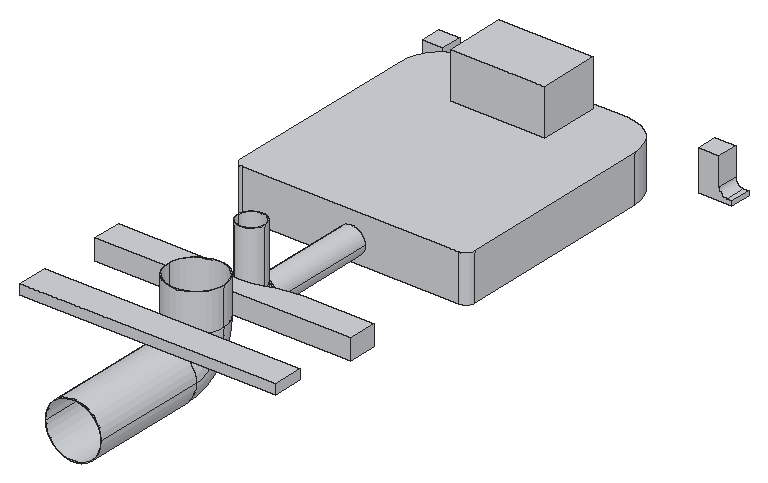
Revit family "Deca_Caixa de descarga embutida para drywall para bacia suspensa_Caixa embutida Hydra_2502.CX.AF", category Plumbing Fixtures, host Face, Revit 2019 (continued)
Automatic sketch dimensions
  plane 1 "Center (Front/Back)" to curve 528 = 107.081 mm
  curve 340 to curve 316 = 66 mm
  curve 333 to curve 321 = 66 mm
  curve 522 to plane 1 "Center (Front/Back)" = 146.69 mm
  curve 219 to curve 530 = 1.087 mm
  curve 223 to curve 529 = 0 mm
  curve 218 to curve 526 = 1.52 mm
  curve 219 to curve 216 = 10.047 mm
  curve 223 to curve 215 = 9.096 mm
  curve 216 to curve 216 = 1.137 mm
  curve 218 to curve 5 = 13.843 mm
  curve 222 to curve 3 = 14.276 mm
  curve 216 to curve 520 = 12.18 mm
  curve 205 to curve 510 = 1.539 mm
  curve 205 to curve 525 = 17.213 mm
  curve 217 to curve 526 = 0 mm
  curve 222 to curve 198 = 52.832 mm
  curve 199 to curve 515 = 2.281 mm
  curve 515 to curve 503 = 3.79 mm
  curve 197 to curve 515 = 1.271 mm
  curve 515 to curve 514 = 3.196 mm
  curve 210 to curve 197 = 0.86 mm
  curve 210 to curve 513 = 15.008 mm
  curve 513 to curve 514 = 1.933 mm
  curve 209 to curve 513 = 0.22 mm
  curve 514 to curve 505 = 0.668 mm
  curve 513 to curve 207 = 1.108 mm
  curve 525 to curve 508 = 63.075 mm
  curve 207 to curve 506 = 21.33 mm
  curve 203 to curve 509 = 0 mm
  curve 506 to curve 507 = 0.068 mm
  curve 506 to curve 519 = 0.351 mm
  curve 509 to curve 517 = 0.647 mm
  curve 509 to curve 348 = 0.843 mm
  curve 507 to curve 345 = 0.775 mm
  curve 18 to curve 346 = 0.5 mm
  curve 20 to curve 349 = 0.5 mm
  curve 17 to curve 344 = 0.5 mm
  curve 17 to curve 518 = 2.725 mm
  curve 202 to curve 517 = 3.437 mm
  curve 3 to curve 6 = 110.235 mm
  curve 6 to curve 7 = 3.317 mm
  curve 516 to curve 12 = 21.223 mm
  curve 207 to curve 10 = 64.297 mm
  curve 19 to curve 8 = 41.464 mm
  curve 11 to curve 8 = 0 mm
  curve 10 to curve 9 = 0 mm
  curve 8 to curve 305 = 2.632 mm
  curve 7 to curve 308 = 21.897 mm
  curve 308 to curve 2 = 3.317 mm
  curve 305 to curve 311 = 5.71 mm
  curve 304 to curve 310 = 5.71 mm  (x2)
  curve 304 to curve 304 = 6.269 mm
  curve 4 to curve 305 = 6.269 mm
  curve 310 to curve 350 = 2.141 mm
  curve 311 to curve 22 = 2.141 mm
  curve 21 to curve 501 = 6.386 mm
  curve 195 to curve 195 = 1.414 mm
  curve 501 to curve 501 = 1.829 mm
  curve 352 to curve 485 = 9.066 mm
  curve 190 to curve 191 = 0.734 mm
  curve 191 to curve 190 = 0.5 mm
  curve 485 to curve 487 = 1.536 mm
  curve 485 to curve 486 = 0.848 mm
  curve 191 to curve 188 = 3.493 mm
  curve 194 to curve 193 = 5.664 mm
  curve 188 to curve 238 = 10.507 mm
  curve 193 to curve 192 = 24.08 mm
  curve 192 to curve 494 = 84.428 mm
  curve 489 to curve 4 = 8.701 mm
  curve 14 to curve 189 = 0.099 mm
  curve 489 to curve 441 = 66.216 mm
  curve 189 to curve 438 = 57.416 mm
  curve 159 to curve 159 = 0.263 mm
  curve 157 to curve 157 = 0.263 mm
  curve 159 to curve 444 = 1.203 mm
  curve 157 to curve 24 = 32.28 mm
  curve 161 to curve 23 = 31.077 mm
  curve 23 to curve 490 = 1.241 mm
  curve 490 to curve 354 = 3.02 mm
  curve 23 to curve 357 = 7.338 mm
  curve 26 to curve 26 = 0.044 mm
  curve 356 to curve 25 = 0.044 mm
  curve 356 to curve 155 = 14.858 mm
  curve 26 to curve 152 = 14.858 mm
  curve 155 to curve 444 = 0.018 mm
  curve 155 to curve 451 = 1 mm
  curve 439 to curve 145 = 0.983 mm
  curve 442 to curve 150 = 0.983 mm
  curve 152 to curve 433 = 6.7 mm
  curve 114 to curve 108 = 2.476 mm
  curve 117 to curve 110 = 2.476 mm
  curve 107 to curve 108 = 0.524 mm
  curve 110 to curve 110 = 0.524 mm
  curve 145 to curve 145 = 11.899 mm
  curve 150 to curve 158 = 11.899 mm
  curve 164 to curve 446 = 4.9 mm
  curve 165 to curve 449 = 4.9 mm
  curve 164 to curve 104 = 5.276 mm
  curve 165 to curve 109 = 5.276 mm
  curve 110 to curve 134 = 6.069 mm
  curve 107 to curve 128 = 6.069 mm
  curve 150 to curve 149 = 1.545 mm
  curve 145 to curve 141 = 1.545 mm
  curve 440 to curve 434 = 14.651 mm
  curve 154 to curve 436 = 14.651 mm
  curve 128 to curve 423 = 1.923 mm
  curve 134 to curve 111 = 1.923 mm
  curve 142 to curve 126 = 1.545 mm
  curve 147 to curve 130 = 1.545 mm
  curve 104 to curve 105 = 3.451 mm
  curve 109 to curve 448 = 3.451 mm
  curve 141 to curve 437 = 2.752 mm
  curve 134 to curve 436 = 4.865 mm
  curve 128 to curve 128 = 4.864 mm
  curve 128 to curve 126 = 1.527 mm
  curve 436 to curve 129 = 1.527 mm
  curve 141 to curve 437 = 5.125 mm
  curve 131 to curve 420 = 7.946 mm
  curve 126 to curve 103 = 7.946 mm
  curve 105 to curve 124 = 7.27 mm
  curve 113 to curve 132 = 7.27 mm
  curve 106 to curve 423 = 0.738 mm
  curve 112 to curve 112 = 0.738 mm
  curve 105 to curve 105 = 8.834 mm
  curve 113 to curve 113 = 8.834 mm
  curve 113 to curve 163 = 1.041 mm
  curve 422 to curve 426 = 1.041 mm
  curve 163 to curve 428 = 7.485 mm
  curve 162 to curve 426 = 7.485 mm
  curve 106 to curve 432 = 12.33 mm
  curve 432 to curve 421 = 0.369 mm
  curve 115 to curve 123 = 4.389 mm
  curve 617 to curve 420 = 12.974 mm
  curve 119 to curve 166 = 302.87 mm
  curve 120 to curve 121 = 3.814 mm
  curve 121 to curve 97 = 1.516 mm
  curve 118 to curve 94 = 308.14 mm
  curve 94 to curve 94 = 0 mm
  curve 94 to curve 95 = 1.688 mm
  curve 97 to curve 452 = 3 mm
  curve 97 to curve 98 = 3.153 mm
  curve 97 to curve 92 = 4.829 mm
  curve 95 to curve 96 = 6.294 mm
  curve 167 to curve 167 = 5 mm
  curve 96 to curve 101 = 2.086 mm
  curve 92 to curve 92 = 7.017 mm
  curve 92 to curve 575 = 8.751 mm
  curve 575 to curve 470 = 2.125 mm
  curve 167 to curve 381 = 20 mm
  curve 472 to curve 417 = 0.61 mm
  curve 575 to curve 392 = 4.25 mm
  curve 93 to curve 82 = 17.932 mm
  curve 575 to curve 576 = 5.99 mm
  curve 575 to curve 559 = 6 mm
  curve 555 to curve 558 = 0 mm
  curve 94 to curve 594 = 29.75 mm
  curve 594 to curve 592 = 0.5 mm
  curve 555 to curve 553 = 0.5 mm
  curve 82 to curve 578 = 2.25 mm
  curve 472 to curve 471 = 3.487 mm
  curve 576 to curve 180 = 1.185 mm
  curve 254 to curve 181 = 0.175 mm
  curve 82 to curve 390 = 3 mm
  curve 81 to curve 380 = 3.003 mm
  curve 390 to curve 578 = 0.409 mm
  curve 553 to curve 553 = 1.159 mm
  curve 592 to curve 592 = 1.159 mm
  curve 559 to curve 552 = 1.886 mm
  curve 593 to curve 606 = 1.462 mm
  curve 593 to curve 599 = 2.483 mm
  curve 277 to curve 598 = 0.735 mm
  curve 281 to curve 277 = 0 mm
  curve 554 to curve 252 = 4.991 mm
  curve 48 to curve 47 = 7.779 mm
  curve 181 to curve 557 = 8.075 mm
  curve 47 to curve 47 = 1.529 mm
  curve 556 to curve 571 = 8.235 mm
  curve 180 to curve 179 = 16.665 mm
  curve 280 to curve 598 = 18.412 mm
  curve 282 to curve 276 = 0.172 mm
  curve 599 to curve 610 = 23.397 mm
  curve 287 to curve 609 = 4.554 mm
  curve 578 to curve 292 = 38.591 mm
  curve 287 to curve 613 = 8.675 mm
  curve 271 to curve 271 = 1.3 mm
  curve 276 to curve 581 = 25.389 mm
  curve 582 to curve 603 = 1.35 mm
  curve 601 to curve 577 = 0.642 mm
  curve 601 to curve 601 = 2.077 mm
  curve 47 to curve 380 = 45.132 mm
  curve 30 to curve 378 = 0.174 mm
  curve 577 to curve 273 = 10.683 mm
  curve 179 to curve 560 = 41.41 mm
  curve 287 to curve 586 = 27.34 mm
  curve 600 to curve 600 = 18.495 mm
  curve 600 to curve 577 = 1.435 mm
  curve 600 to curve 604 = 2.077 mm
  curve 603 to curve 580 = 1.35 mm
  curve 273 to curve 587 = 17.183 mm
  curve 269 to curve 270 = 0 mm
  curve 586 to curve 295 = 17.817 mm
  curve 269 to curve 612 = 1.3 mm
  curve 572 to curve 178 = 29.29 mm
  curve 295 to curve 290 = 16 mm
  curve 301 to curve 294 = 0 mm
  curve 298 to curve 288 = 0 mm
  curve 580 to curve 275 = 25.389 mm
  curve 275 to curve 283 = 0.172 mm
  curve 293 to curve 258 = 4.236 mm
  curve 275 to curve 608 = 1.927 mm
  curve 29 to curve 40 = 45.9 mm
  curve 40 to curve 31 = 0.709 mm
  curve 28 to curve 373 = 1.067 mm
  curve 373 to curve 34 = 0 mm
  curve 258 to curve 565 = 11.764 mm
  curve 301 to curve 300 = 16 mm
  curve 563 to curve 479 = 1.013 mm
  curve 178 to curve 483 = 21.723 mm
  curve 283 to curve 274 = 14.364 mm
  curve 258 to curve 257 = 14.364 mm
  curve 284 to curve 274 = 0 mm
  curve 284 to curve 596 = 1.774 mm
  curve 482 to curve 474 = 1.505 mm
  curve 563 to curve 249 = 6.364 mm
  curve 175 to curve 468 = 1.644 mm
  curve 174 to curve 467 = 1.644 mm
  curve 182 to curve 475 = 0.01 mm
  curve 545 to curve 590 = 2.483 mm
  curve 257 to curve 567 = 0 mm
  curve 250 to curve 177 = 1.711 mm
  curve 549 to curve 565 = 1.886 mm
  curve 283 to curve 588 = 16.485 mm
  curve 590 to curve 285 = 0.5 mm
  curve 285 to curve 584 = 0 mm
  curve 567 to curve 585 = 1.159 mm
  curve 567 to curve 256 = 0.5 mm
  curve 267 to curve 393 = 0.425 mm
  curve 177 to curve 369 = 1.1 mm
  curve 393 to curve 583 = 0.075 mm
  curve 250 to curve 561 = 1.886 mm
  curve 177 to curve 572 = 1.185 mm
  curve 52 to curve 51 = 4.75 mm
  curve 51 to curve 55 = 0 mm
  curve 29 to curve 34 = 4.825 mm
  curve 562 to curve 574 = 6 mm
  curve 383 to curve 385 = 7.641 mm
  curve 29 to curve 359 = 7.716 mm
  curve 27 to curve 358 = 1.561 mm
  curve 49 to curve 371 = 0 mm
  curve 51 to curve 54 = 1.561 mm
  curve 385 to curve 415 = 0.548 mm
  curve 53 to curve 56 = 1.35 mm
  curve 27 to curve 63 = 1.35 mm
  curve 72 to curve 408 = 4 mm
  curve 402 to curve 68 = 4 mm
  curve 411 to curve 75 = 4 mm
  curve 458 to curve 170 = 2.644 mm
  curve 459 to curve 171 = 2.644 mm
  curve 170 to curve 458 = 0.338 mm
  curve 168 to curve 465 = 1.893 mm
  curve 169 to curve 173 = 1.907 mm
  curve 32 to curve 35 = 21.509 mm
  curve 55 to curve 398 = 26.259 mm
  curve 35 to curve 364 = 0.991 mm
  curve 58 to curve 60 = 0.991 mm
  curve 364 to curve 43 = 3.5 mm
  curve 41 to curve 42 = 3.5 mm
  curve 400 to curve 61 = 3.5 mm
  curve 60 to curve 60 = 3.5 mm
  curve 59 to curve 396 = 1.75 mm
  curve 43 to curve 374 = 1.75 mm
  curve 374 to curve 374 = 0.016 mm
  curve 41 to curve 39 = 2.414 mm
  curve 39 to curve 377 = 0.142 mm
  curve 41 to curve 360 = 3.5 mm
  curve 59 to curve 401 = 3.5 mm
  curve 43 to curve 363 = 1.009 mm
  curve 62 to curve 57 = 1.009 mm
  curve 36 to curve 376 = 4.421 mm
  curve 35 to curve 38 = 4.421 mm
  curve 173 to curve 466 = 19.093 mm
  curve 374 to curve 540 = 28.25 mm
  curve 589 to curve 534 = 60.75 mm
  curve 534 to curve 531 = 15.75 mm
  curve 235 to curve 539 = 15.75 mm
  curve 232 to curve 16 = 4.25 mm
  curve 226 to curve 227 = 4.25 mm
  curve 226 to curve 226 = 4.25 mm
  curve 231 to curve 231 = 4.25 mm
  curve 224 to curve 224 = 4.25 mm
  curve 232 to curve 233 = 4.25 mm
  curve 532 to curve 229 = 13.75 mm
  curve 231 to curve 542 = 13.75 mm
  curve 148 to plane 3 "Center (Left/Right)" = 0.003 mm
  curve 303 to plane 3 "Center (Left/Right)" = 0.109 mm
  curve 102 to plane 3 "Center (Left/Right)" = 5.894 mm
  curve 151 to plane 3 "Center (Left/Right)" = 7.528 mm
  curve 158 to curve 149 = 0 mm
  curve 151 to curve 150 = 0 mm
  curve 14 to plane 3 "Center (Left/Right)" = 14.373 mm
  curve 189 to curve 14 = 0.142 mm
  curve 492 to curve 492 = 11.325 mm
  curve 189 to curve 189 = 4.485 mm
  curve 516 to curve 502 = 0.491 mm
  curve 202 to curve 202 = 0.022 mm
  curve 509 to curve 202 = 0.001 mm
  curve 508 to curve 509 = 0.022 mm
  curve 25 to curve 23 = 0.282 mm
  curve 203 to curve 203 = 0.019 mm
  curve 212 to curve 203 = 0.031 mm
  curve 212 to curve 203 = 0.037 mm
  curve 212 to curve 212 = 0.013 mm
  curve 203 to curve 212 = 0.508 mm
  curve 212 to curve 203 = 0.013 mm
  curve 19 to curve 19 = 0 mm
  curve 19 to curve 19 = 0.499 mm
  curve 19 to curve 19 = 0.001 mm
  curve 347 to curve 19 = 0.001 mm
  curve 154 to curve 357 = 13.013 mm
  curve 188 to curve 188 = 1.886 mm
  curve 484 to curve 188 = 0 mm  (x2)
  curve 72 to curve 86 = 6.447 mm
  curve 486 to curve 484 = 0.2 mm  (x2)
  curve 205 to curve 247 = 12.088 mm
  curve 131 to curve 420 = 0.003 mm  (x2)
  curve 131 to curve 148 = 0.008 mm
  curve 151 to curve 436 = 0 mm  (x2)
  curve 147 to curve 151 = 0 mm
  curve 154 to curve 155 = 0 mm  (x2)
  curve 154 to curve 154 = 0 mm
  curve 215 to curve 215 = 4.518 mm
  curve 147 to curve 147 = 0.268 mm
  curve 131 to curve 147 = 0.205 mm
  curve 86 to curve 72 = 0.019 mm
  curve 155 to curve 154 = 0 mm
  curve 223 to curve 215 = 2.132 mm
  curve 523 to curve 223 = 1.958 mm
  curve 215 to curve 521 = 0.014 mm
  curve 244 to curve 247 = 8.877 mm
  curve 458 to curve 70 = 2.101 mm
  curve 477 to curve 476 = 0.505 mm
  curve 511 to curve 205 = 1.031 mm
  curve 206 to curve 511 = 2.302 mm
  curve 206 to curve 206 = 0.258 mm
  curve 511 to curve 206 = 0.001 mm
  curve 206 to curve 206 = 0.819 mm
  curve 510 to curve 206 = 0 mm  (x2)
  curve 206 to curve 206 = 0.13 mm
  curve 463 to curve 173 = 0 mm
  curve 463 to curve 463 = 0.4 mm
  curve 173 to curve 463 = 0.057 mm
  curve 204 to curve 510 = 3.555 mm
  curve 520 to curve 204 = 0.25 mm
  curve 204 to curve 520 = 0 mm
  curve 204 to curve 204 = 0.729 mm
  curve 204 to curve 204 = 0.684 mm
  curve 524 to curve 204 = 1.828 mm
  curve 5 to curve 311 = 1.842 mm
  curve 218 to curve 219 = 1.992 mm
  curve 525 to curve 217 = 4.838 mm
  curve 220 to curve 217 = 0 mm
  curve 218 to curve 219 = 1.104 mm
  curve 220 to curve 217 = 1.604 mm
  curve 217 to curve 220 = 0 mm
  curve 208 to curve 220 = 1.637 mm
  curve 219 to curve 218 = 0.002 mm
  curve 217 to curve 525 = 0 mm
  curve 220 to curve 220 = 0 mm
  curve 478 to curve 477 = 0.505 mm
  curve 172 to curve 172 = 0.453 mm
  curve 464 to curve 172 = 0.057 mm
  curve 69 to curve 459 = 2.101 mm
  curve 85 to curve 71 = 0.251 mm
  curve 562 to curve 261 = 0 mm
  curve 558 to curve 262 = 0 mm
  curve 436 to curve 134 = 0 mm
  curve 146 to curve 146 = 0 mm
  curve 134 to curve 146 = 1.562 mm
  curve 117 to curve 110 = 0 mm
  curve 129 to curve 111 = 0.026 mm
  curve 181 to curve 555 = 0.829 mm
  curve 262 to curve 181 = 0.068 mm
  curve 261 to curve 255 = 0.897 mm
  curve 258 to curve 570 = 4.991 mm
  curve 258 to curve 570 = 0 mm  (x2)
  curve 181 to curve 262 = 1.344 mm
  curve 569 to curve 258 = 1.462 mm
  curve 258 to curve 569 = 0 mm  (x2)
  curve 257 to curve 85 = 5.51 mm
  curve 312 to curve 5 = 0 mm
  curve 84 to curve 85 = 2.393 mm
  curve 252 to curve 571 = 3.529 mm
  curve 252 to curve 571 = 0 mm
  curve 554 to curve 252 = 0 mm  (x2)
  curve 568 to curve 257 = 0 mm
  curve 84 to curve 84 = 7.293 mm
  curve 567 to curve 394 = 0.073 mm
  curve 548 to curve 567 = 0.306 mm
  curve 543 to curve 553 = 0.306 mm
  curve 390 to curve 77 = 0 mm  (x2)
  curve 79 to curve 419 = 0.009 mm
  curve 578 to curve 418 = 1.406 mm
  curve 585 to curve 548 = 0.306 mm
  curve 578 to curve 543 = 0.306 mm
  curve 547 to curve 548 = 0.263 mm
  curve 268 to curve 268 = 0.501 mm
  curve 53 to curve 64 = 0.015 mm
  curve 385 to curve 56 = 0 mm  (x2)
  curve 61 to curve 399 = 8.401 mm
  curve 289 to curve 293 = 1.527 mm
  curve 293 to curve 288 = 0.204 mm
  curve 294 to curve 289 = 0.204 mm
  curve 295 to curve 295 = 1 mm
  curve 299 to curve 300 = 1 mm
  curve 289 to curve 295 = 0.118 mm
  curve 288 to curve 300 = 0.118 mm
  curve 291 to curve 299 = 0.882 mm
  curve 290 to curve 295 = 0.882 mm
  curve 299 to curve 291 = 0.118 mm
  curve 296 to curve 290 = 0.118 mm
  curve 52 to curve 54 = 7.135 mm
  curve 297 to curve 297 = 1.731 mm
  curve 298 to curve 297 = 0 mm
  curve 291 to curve 298 = 0.204 mm
  curve 290 to curve 297 = 0.204 mm
  curve 55 to curve 52 = 3.392 mm
  curve 599 to curve 610 = 2.326 mm
  curve 586 to curve 611 = 2.325 mm
  curve 132 to curve 112 = 0.346 mm
  curve 133 to curve 112 = 0 mm
  curve 133 to curve 132 = 0.354 mm
  curve 96 to curve 101 = 1.314 mm
  curve 100 to curve 101 = 0 mm  (x2)
  curve 116 to curve 420 = 6.132 mm
  curve 617 to curve 116 = 0.038 mm
  curve 118 to curve 617 = 0 mm
  curve 113 to curve 163 = 0 mm  (x2)
  curve 94 to curve 387 = 1.026 mm
  curve 118 to curve 428 = 0.038 mm
  curve 94 to curve 430 = 0.001 mm
  curve 314 to curve 579 = 7.205 mm
  curve 547 to curve 584 = 0.043 mm
  curve 544 to curve 579 = 0.305 mm
  curve 546 to curve 547 = 0.263 mm
  curve 536 to curve 326 = 0 mm
  curve 339 to curve 314 = 2.5 mm
  curve 592 to curve 544 = 0.306 mm
  curve 590 to curve 546 = 0.306 mm
  curve 593 to curve 281 = 0 mm
  curve 591 to curve 284 = 0 mm
  curve 284 to curve 596 = 1.927 mm
  curve 608 to curve 284 = 0 mm
  curve 601 to curve 265 = 1.242 mm
  curve 604 to curve 264 = 1.242 mm
  curve 265 to curve 601 = 0.183 mm
  curve 264 to curve 604 = 0.183 mm
  curve 282 to curve 598 = 1.756 mm
  curve 606 to curve 282 = 0 mm  (x2)
  curve 282 to curve 276 = 2.483 mm
  curve 607 to curve 283 = 0 mm  (x2)
  curve 340 to curve 338 = 2.5 mm
  curve 225 to curve 225 = 4 mm
  curve 226 to curve 225 = 0 mm
  curve 144 to curve 280 = 113.7 mm
  curve 151 to curve 144 = 15.043 mm
  curve 140 to curve 151 = 28.136 mm
  curve 148 to curve 140 = 43.296 mm
  plane 3 "Center (Left/Right)" to curve 208 = 0 mm
  plane 3 "Center (Left/Right)" to curve 199 = 0.001 mm
  plane 3 "Center (Left/Right)" to curve 140 = 3.372 mm
  plane 3 "Center (Left/Right)" to curve 144 = 7.525 mm
  curve 141 to curve 156 = 0 mm  (x2)
  curve 183 to curve 183 = 1.01 mm
  curve 183 to curve 475 = 0 mm
  curve 475 to curve 183 = 0 mm  (x2)
  curve 144 to curve 145 = 0 mm
  curve 451 to curve 439 = 0.318 mm
  curve 493 to curve 493 = 11.325 mm
  curve 502 to curve 201 = 0.523 mm
  curve 502 to curve 518 = 0.491 mm
  curve 201 to curve 201 = 0.023 mm
  curve 201 to curve 506 = 0 mm  (x2)
  curve 192 to curve 491 = 2.338 mm
  curve 354 to curve 26 = 0.282 mm
  curve 200 to curve 200 = 0.035 mm
  curve 200 to curve 211 = 0.029 mm
  curve 211 to curve 200 = 0.67 mm
  curve 200 to curve 200 = 0.433 mm
  curve 200 to curve 211 = 0.012 mm
  curve 18 to curve 18 = 0.003 mm
  curve 18 to curve 346 = 0.001 mm
  curve 355 to curve 152 = 13.013 mm
  curve 211 to curve 211 = 2.453 mm
  curve 196 to curve 195 = 3.693 mm
  curve 196 to curve 195 = 1.972 mm
  curve 192 to curve 495 = 8.311 mm
  curve 495 to curve 495 = 0.616 mm
  curve 193 to curve 193 = 0.733 mm
  curve 496 to curve 497 = 0.2 mm
  curve 87 to curve 65 = 6.563 mm
  curve 194 to curve 497 = 0.3 mm
  curve 498 to curve 500 = 1.5 mm
  curve 498 to curve 499 = 0.2 mm  (x2)
  curve 499 to curve 500 = 0.2 mm
  curve 103 to curve 125 = 0 mm  (x2)
  curve 246 to curve 198 = 21.671 mm
  curve 142 to curve 126 = 0 mm
  curve 142 to curve 144 = 0 mm
  curve 152 to curve 153 = 0 mm  (x4)
  curve 153 to curve 153 = 0 mm
  curve 142 to curve 142 = 0.268 mm
  curve 142 to curve 125 = 0.205 mm
  curve 65 to curve 87 = 0.019 mm
  curve 160 to curve 443 = 0 mm
  curve 246 to curve 245 = 2 mm
  curve 222 to curve 222 = 0.011 mm
  curve 482 to curve 481 = 0.505 mm
  curve 245 to curve 504 = 10.536 mm
  curve 504 to curve 243 = 0.164 mm
  curve 208 to curve 513 = 1.303 mm
  curve 208 to curve 512 = 0.047 mm
  curve 213 to curve 213 = 0.814 mm
  curve 208 to curve 213 = 0.431 mm
  curve 213 to curve 213 = 0 mm
  curve 209 to curve 209 = 0.766 mm
  curve 209 to curve 514 = 0.77 mm
  curve 310 to curve 304 = 1.842 mm
  curve 214 to curve 214 = 0.882 mm
  curve 199 to curve 199 = 0.159 mm
  curve 504 to curve 198 = 0.01 mm
  curve 504 to curve 503 = 0.009 mm
  curve 503 to curve 198 = 0.108 mm
  curve 214 to curve 214 = 0.386 mm
  curve 503 to curve 199 = 0.475 mm
  curve 214 to curve 214 = 0.001 mm
  curve 210 to curve 514 = 2.719 mm
  curve 210 to curve 210 = 1.03 mm
  curve 481 to curve 480 = 0.505 mm
  curve 469 to curve 263 = 6.96 mm
  curve 66 to curve 88 = 0.07 mm
  curve 263 to curve 559 = 0 mm
  curve 260 to curve 561 = 0 mm
  curve 143 to curve 126 = 0 mm
  curve 143 to curve 143 = 0 mm
  curve 143 to curve 434 = 0 mm
  curve 143 to curve 128 = 1.562 mm
  curve 114 to curve 107 = 0 mm
  curve 107 to curve 127 = 0.026 mm
  curve 177 to curve 572 = 0.068 mm
  curve 180 to curve 263 = 0.068 mm
  curve 260 to curve 260 = 0 mm
  curve 576 to curve 263 = 0 mm
  curve 179 to curve 179 = 0.424 mm
  curve 178 to curve 178 = 0.445 mm
  curve 469 to curve 470 = 0.3 mm  (x2)
  curve 469 to curve 303 = 1.237 mm
  curve 88 to curve 471 = 1.018 mm
  curve 309 to curve 3 = 0 mm
  curve 88 to curve 89 = 2.18 mm
  curve 472 to curve 83 = 3.536 mm
  curve 471 to curve 368 = 3.536 mm
  curve 89 to curve 89 = 5.808 mm
  curve 89 to curve 90 = 0.663 mm
  curve 90 to curve 90 = 1.093 mm
  curve 417 to curve 416 = 0.052 mm
  curve 416 to curve 83 = 0 mm
  curve 80 to curve 83 = 0 mm
  curve 91 to curve 27 = 3.071 mm
  curve 91 to curve 27 = 0.896 mm
  curve 63 to curve 27 = 0.015 mm
  curve 49 to curve 377 = 0 mm
  curve 370 to curve 32 = 0 mm  (x2)
  curve 45 to curve 45 = 0.001 mm
  curve 376 to curve 38 = 0.514 mm
  curve 37 to curve 43 = 1 mm
  curve 46 to curve 37 = 0.004 mm
  curve 46 to curve 38 = 0 mm  (x2)
  curve 38 to curve 46 = 0.514 mm
  curve 46 to curve 46 = 0 mm
  curve 34 to curve 33 = 0 mm
  curve 373 to curve 37 = 0 mm
  curve 421 to curve 139 = 0 mm
  curve 139 to curve 138 = 0 mm  (x2)
  curve 138 to curve 138 = 0.006 mm
  curve 33 to curve 33 = 1.476 mm
  curve 138 to curve 137 = 0.632 mm
  curve 137 to curve 136 = 0.003 mm
  curve 136 to curve 135 = 0.005 mm
  curve 40 to curve 31 = 0.04 mm
  curve 137 to curve 138 = 0.681 mm
  curve 137 to curve 138 = 0 mm
  curve 137 to curve 136 = 0.001 mm
  curve 136 to curve 135 = 0.003 mm
  curve 139 to curve 135 = 0 mm
  curve 106 to curve 124 = 0.346 mm
  curve 122 to curve 106 = 0 mm
  curve 124 to curve 122 = 0.354 mm
  curve 135 to curve 139 = 0.677 mm
  curve 137 to curve 136 = 0.004 mm
  curve 137 to curve 137 = 0.001 mm
  curve 136 to curve 136 = 0 mm
  curve 432 to curve 135 = 0.005 mm
  curve 135 to curve 135 = 0 mm
  curve 30 to curve 29 = 0 mm
  curve 115 to curve 123 = 0.038 mm
  curve 119 to curve 119 = 0 mm
  curve 162 to curve 105 = 0 mm
  curve 47 to curve 454 = 0.43 mm
  curve 454 to curve 453 = 5 mm  (x2)
  curve 115 to curve 119 = 0.038 mm
  curve 120 to curve 120 = 0.018 mm
  curve 121 to curve 121 = 0.002 mm
  curve 121 to curve 99 = 0 mm
  curve 541 to curve 326 = 0 mm
  curve 320 to curve 333 = 2.5 mm
  curve 332 to curve 334 = 2.5 mm
  curve 233 to curve 232 = 4 mm
  curve 452 to curve 102 = 151.56 mm
  curve 527 to curve 222 = 72.724 mm
  curve 331 to curve 329 = 5 mm
  curve 329 to curve 328 = 50 mm
  curve 328 to curve 330 = 5 mm
  curve 219 to curve 218 = 1.639 mm
  curve 215 to curve 521 = 0.005 mm
  curve 223 to curve 215 = 0.4 mm
  curve 222 to curve 222 = 13.471 mm
  curve 205 to curve 520 = 1.843 mm
  curve 520 to curve 204 = 0 mm
  curve 204 to curve 204 = 0.633 mm
  curve 510 to curve 511 = 2.226 mm
  curve 204 to curve 524 = 4.333 mm
  curve 206 to curve 206 = 0.573 mm
  curve 511 to curve 206 = 0 mm
  curve 220 to curve 217 = 2.819 mm
  curve 217 to curve 220 = 0.006 mm
  curve 511 to curve 244 = 14.154 mm
  curve 245 to curve 244 = 0 mm
  curve 245 to curve 246 = 0.005 mm
  curve 246 to curve 199 = 0.03 mm
  curve 220 to curve 208 = 2.053 mm
  curve 208 to curve 247 = 0.005 mm
  curve 503 to curve 198 = 1.307 mm
  curve 503 to curve 504 = 0.001 mm
  curve 503 to curve 198 = 0.375 mm
  curve 214 to curve 214 = 0.081 mm
  curve 213 to curve 213 = 0.253 mm
  curve 208 to curve 512 = 0.577 mm
  curve 211 to curve 345 = 3.753 mm
  curve 203 to curve 212 = 0.144 mm
  curve 200 to curve 211 = 0.125 mm
  curve 203 to curve 212 = 0.068 mm
  curve 509 to curve 508 = 0.068 mm
  curve 202 to curve 502 = 0.505 mm
  curve 502 to curve 518 = 0.014 mm
  curve 502 to curve 516 = 0.014 mm
  curve 19 to curve 19 = 0.463 mm
  curve 19 to curve 347 = 0 mm
  curve 344 to curve 518 = 0.227 mm
  curve 349 to curve 516 = 0.243 mm
  curve 18 to curve 346 = 5.964 mm
  curve 313 to curve 307 = 6 mm
  curve 5 to curve 311 = 5.71 mm
  curve 195 to curve 196 = 0.091 mm
  curve 194 to curve 497 = 0.672 mm
  curve 497 to curve 498 = 0.2 mm
  curve 497 to curve 496 = 0.2 mm
  curve 616 to curve 309 = 6 mm
  curve 306 to curve 312 = 6 mm
  curve 488 to curve 188 = 0.493 mm
  curve 498 to curve 500 = 2.6 mm
  curve 498 to curve 500 = 0 mm
  curve 484 to curve 484 = 1.643 mm
  curve 495 to curve 495 = 4.801 mm
  curve 157 to curve 160 = 1.203 mm
  curve 160 to curve 443 = 0.517 mm
  curve 155 to curve 154 = 0.018 mm
  curve 440 to curve 153 = 0 mm
  curve 107 to curve 114 = 0 mm
  curve 110 to curve 117 = 0 mm
  curve 131 to curve 147 = 5.411 mm
  curve 125 to curve 144 = 5.411 mm
  curve 125 to curve 142 = 2.371 mm
  curve 131 to curve 147 = 2.371 mm
  curve 150 to curve 151 = 0 mm
  curve 145 to curve 144 = 0 mm
  curve 149 to curve 158 = 0 mm
  curve 128 to curve 143 = 1.824 mm
  curve 111 to curve 129 = 0.436 mm
  curve 107 to curve 127 = 0.436 mm
  curve 105 to curve 162 = 0 mm
  curve 434 to curve 143 = 0 mm
  curve 106 to curve 122 = 0 mm
  curve 112 to curve 133 = 0 mm
  curve 106 to curve 124 = 0.111 mm
  curve 112 to curve 132 = 0.111 mm
  curve 132 to curve 133 = 0.022 mm
  curve 124 to curve 122 = 0.022 mm
  curve 137 to curve 136 = 0.142 mm
  curve 138 to curve 139 = 0.503 mm
  curve 137 to curve 137 = 0.021 mm
  curve 138 to curve 137 = 0 mm
  curve 136 to curve 136 = 0.005 mm
  curve 432 to curve 135 = 0.338 mm
  curve 135 to curve 135 = 0.005 mm
  curve 138 to curve 139 = 0.397 mm
  curve 115 to curve 119 = 4.329 mm
  curve 120 to curve 120 = 10.979 mm
  curve 430 to curve 94 = 8.812 mm
  curve 430 to curve 94 = 0.332 mm
  curve 121 to curve 121 = 1.268 mm
  curve 382 to curve 97 = 0.002 mm
  curve 121 to curve 99 = 0.249 mm
  curve 94 to curve 387 = 0.004 mm
  curve 96 to curve 101 = 1.043 mm
  curve 303 to curve 102 = 5.524 mm
  curve 303 to curve 176 = 10.858 mm
  curve 416 to curve 416 = 12.903 mm
  curve 392 to curve 82 = 12.901 mm
  curve 469 to curve 263 = 0.905 mm
  curve 387 to curve 82 = 0 mm
  curve 81 to curve 50 = 3.003 mm
  curve 80 to curve 81 = 0 mm
  curve 472 to curve 83 = 0.61 mm
  curve 416 to curve 80 = 0 mm
  curve 83 to curve 80 = 0 mm
  curve 82 to curve 389 = 1.75 mm
  curve 268 to curve 268 = 0.5 mm
  curve 77 to curve 553 = 0.407 mm
  curve 80 to curve 417 = 3.004 mm
  curve 586 to curve 599 = 1.983 mm
  curve 586 to curve 611 = 0 mm
  curve 579 to curve 544 = 0.552 mm
  curve 578 to curve 543 = 0.552 mm
  curve 571 to curve 252 = 0 mm
  curve 599 to curve 611 = 9.54 mm
  curve 611 to curve 610 = 0.602 mm
  curve 47 to curve 454 = 7.689 mm
  curve 259 to curve 570 = 0 mm
  curve 607 to curve 282 = 0 mm
  curve 295 to curve 289 = 1.527 mm
  curve 295 to curve 290 = 1.527 mm
  curve 290 to curve 291 = 1.763 mm
  curve 289 to curve 288 = 1.763 mm
  curve 31 to curve 40 = 0.24 mm
  curve 596 to curve 284 = 1.756 mm
  curve 284 to curve 608 = 0 mm
  curve 318 to curve 590 = 0.552 mm
  curve 548 to curve 567 = 0.552 mm
  curve 548 to curve 547 = 0.053 mm
  curve 481 to curve 480 = 0.051 mm
  curve 477 to curve 478 = 0.051 mm
  curve 547 to curve 584 = 0.5 mm
  curve 547 to curve 585 = 0.5 mm
  curve 368 to curve 260 = 0.16 mm
  curve 261 to curve 261 = 0 mm
  curve 368 to curve 471 = 7.054 mm
  curve 384 to curve 53 = 0 mm
  curve 471 to curve 90 = 2.845 mm
  curve 90 to curve 90 = 0 mm
  curve 90 to curve 89 = 0 mm
  curve 91 to curve 63 = 0 mm
  curve 257 to curve 85 = 12.871 mm
  curve 85 to curve 84 = 0 mm
  curve 85 to curve 71 = 0 mm
  curve 471 to curve 89 = 2.845 mm
  curve 66 to curve 88 = 0 mm
  curve 72 to curve 86 = 0 mm  (x2)
  curve 65 to curve 87 = 0 mm  (x2)
  curve 84 to curve 84 = 0 mm
  curve 91 to curve 91 = 0.001 mm
  curve 377 to curve 49 = 0 mm
  curve 463 to curve 173 = 1.507 mm
  curve 464 to curve 172 = 1.493 mm
  curve 173 to curve 463 = 0 mm
  curve 464 to curve 172 = 0 mm
  curve 463 to curve 173 = 0.014 mm
  curve 400 to curve 61 = 0 mm
  curve 364 to curve 44 = 0 mm
  curve 173 to curve 460 = 6.591 mm
  curve 172 to curve 462 = 6.607 mm
  curve 61 to curve 399 = 2.556 mm
  curve 42 to curve 360 = 0 mm
  curve 43 to curve 363 = 0 mm
  curve 46 to curve 37 = 0.014 mm
  curve 38 to curve 376 = 1.667 mm
  curve 536 to curve 15 = 17 mm
  curve 541 to curve 16 = 17 mm
  curve 536 to curve 536 = 1.245 mm
  curve 541 to curve 541 = 1.245 mm
  curve 536 to curve 326 = 2.755 mm
  curve 327 to curve 317 = 6 mm
  curve 325 to curve 321 = 3 mm
  curve 438 to curve 427 = 14.991 mm
  curve 438 to curve 427 = 14.477 mm
  curve 290 to curve 302 = 0 mm
  curve 431 to curve 441 = 14.99 mm
  curve 441 to curve 431 = 14.477 mm
  curve 444 to curve 435 = 6.682 mm
  Sweep 1 sketch curve to plane 4 = 25.873 mm
  Sweep 1 sketch curve to Sweep 1 sketch curve = 28.06 mm
  Sweep 1 sketch curve to Sweep 1 sketch curve = 3.836 mm
  Sweep 1 sketch curve to Sweep 1 sketch curve = 215 mm
  Sweep 1 sketch curve to Sweep 1 sketch curve = 5.873 mm
  plane 4 to Sweep 1 sketch curve = 89.1 mm
  Sweep 1 sketch curve to Sweep 1 sketch curve = 0 mm  (x2)
  profile plane to Sweep 5 sketch curve = 0 mm
  Sweep 5 sketch curve to Sweep 5 sketch curve = 0 mm  (x3)
  Sweep 5 sketch curve to plane 4 = 19.876 mm
  Sweep 5 sketch curve to Sweep 5 sketch curve = 69.294 mm
  Extrusion 6 sketch curve to Extrusion 6 sketch curve = 46.973 mm  (x2)
  Extrusion 6 sketch curve to Extrusion 6 sketch curve = 19.432 mm  (x2)
  Extrusion 6 sketch curve to Extrusion 6 sketch curve = 6.269 mm  (x2)
  Extrusion 6 sketch curve to Extrusion 6 sketch curve = 6.857 mm
  Extrusion 6 sketch curve to Extrusion 6 sketch curve = 140 mm  (x2)
  Extrusion 6 sketch curve to Extrusion 6 sketch curve = 57 mm
  Extrusion 6 sketch curve to Extrusion 6 sketch curve = 121.485 mm
  Extrusion 6 sketch curve to Extrusion 6 sketch curve = 0 mm  (x5)
  Sweep 5 sketch curve to Sweep 5 sketch curve = 230.46 mm
  plane 4 to Sweep 5 sketch curve = 52.354 mm
  Sweep 5 sketch curve to profile plane = 0 mm
  Extrusion 6 sketch curve to Extrusion 6 sketch curve = 43.595 mm
  Extrusion 6 sketch curve to Extrusion 6 sketch curve = 96 mm
  Sweep 2 sketch curve to plane 5 = 25.873 mm
  Sweep 2 sketch curve to Sweep 2 sketch curve = 28.06 mm
  Sweep 2 sketch curve to Sweep 2 sketch curve = 3.836 mm
  Sweep 2 sketch curve to Sweep 2 sketch curve = 215 mm
  Sweep 2 sketch curve to Sweep 2 sketch curve = 5.873 mm
  plane 5 to Sweep 2 sketch curve = 89.1 mm
  Sweep 2 sketch curve to Sweep 2 sketch curve = 0 mm  (x2)
  Extrusion 4 sketch curve to Extrusion 4 sketch curve = 17.256 mm
  Extrusion 4 sketch curve to Extrusion 4 sketch curve = 79.699 mm
  Extrusion 4 sketch curve to Extrusion 4 sketch curve = 298.342 mm
  Extrusion 4 sketch curve to Extrusion 4 sketch curve = 62.43 mm
  Extrusion 4 sketch curve to Extrusion 4 sketch curve = 17.248 mm
  Extrusion 4 sketch curve to Extrusion 4 sketch curve = 390.523 mm
  Extrusion 4 sketch curve to Extrusion 4 sketch curve = 0.003 mm
  Extrusion 4 sketch curve to Extrusion 4 sketch curve = 0.001 mm
  Extrusion 7 sketch curve to Extrusion 7 sketch curve = 17.256 mm
  Extrusion 7 sketch curve to Extrusion 7 sketch curve = 79.699 mm
  Extrusion 7 sketch curve to Extrusion 7 sketch curve = 298.342 mm
  Extrusion 7 sketch curve to Extrusion 7 sketch curve = 62.43 mm
  Extrusion 7 sketch curve to Extrusion 7 sketch curve = 17.248 mm
  Extrusion 7 sketch curve to Extrusion 7 sketch curve = 390.523 mm
  Extrusion 7 sketch curve to Extrusion 7 sketch curve = 0.003 mm
  Extrusion 7 sketch curve to Extrusion 7 sketch curve = 0.001 mm
  Extrusion 10 sketch curve to Extrusion 10 sketch curve = 60 mm
  Extrusion 10 sketch curve to Extrusion 10 sketch curve = 500 mm
  Extrusion 12 sketch curve to Extrusion 12 sketch curve = 500 mm
  Extrusion 12 sketch curve to Extrusion 12 sketch curve = 40.058 mm  (x2)
  Extrusion 12 sketch curve to Extrusion 12 sketch curve = 14.942 mm  (x2)
  Extrusion 12 sketch curve to Extrusion 12 sketch curve = 10 mm  (x4)
  Extrusion 12 sketch curve to plane 4 = 120 mm  (x2)
  Extrusion 12 sketch curve to plane 4 = 40 mm  (x2)
  Sweep 8 sketch curve to Sweep 8 sketch curve = 230.46 mm
  plane 5 to Sweep 8 sketch curve = 52.354 mm
  Sweep 8 sketch curve to Sweep 8 sketch curve = 0 mm  (x3)
  Sweep 8 sketch curve to profile plane = 0 mm
  Extrusion 9 sketch curve to Extrusion 9 sketch curve = 43.595 mm
  Extrusion 9 sketch curve to Extrusion 9 sketch curve = 96 mm
  Extrusion 11 sketch curve to Extrusion 11 sketch curve = 500 mm
  Extrusion 14 sketch curve to Extrusion 14 sketch curve = 0.207 mm  (x2)
  Extrusion 14 sketch curve to Extrusion 14 sketch curve = 118.5 mm
  Extrusion 6 sketch curve to Extrusion 6 sketch curve = 87.191 mm
  Extrusion 9 sketch curve to Extrusion 9 sketch curve = 87.191 mm
  Extrusion 9 sketch curve to Extrusion 9 sketch curve = 0 mm  (x5)
  Extrusion 9 sketch curve to Extrusion 9 sketch curve = 46.973 mm  (x2)
  Extrusion 15 sketch curve to plane 4 = 53.988 mm
  Extrusion 14 sketch curve to Extrusion 14 sketch curve = 184 mm
  Masking region 6 sketch curve to Masking region 6 sketch curve = 4.291 mm
  Masking region 6 sketch curve to Masking region 6 sketch curve = 101.586 mm
  Masking region 6 sketch curve to Masking region 6 sketch curve = 4.123 mm
  Masking region 6 sketch curve to Masking region 6 sketch curve = 44.564 mm
  Masking region 6 sketch curve to Masking region 6 sketch curve = 52.037 mm
  Masking region 6 sketch curve to Masking region 6 sketch curve = 0.27 mm
  Masking region 6 sketch curve to Masking region 6 sketch curve = 0.5 mm  (x2)
  Masking region 6 sketch curve to Masking region 6 sketch curve = 1.5 mm
  Masking region 6 sketch curve to Masking region 6 sketch curve = 1.624 mm  (x2)
  Masking region 6 sketch curve to Masking region 6 sketch curve = 9.78 mm
  Masking region 6 sketch curve to Masking region 6 sketch curve = 20.511 mm  (x2)
  Masking region 6 sketch curve to Masking region 6 sketch curve = 3.377 mm
  Masking region 6 sketch curve to Masking region 6 sketch curve = 6.926 mm
  Masking region 6 sketch curve to Masking region 6 sketch curve = 1 mm
  Masking region 6 sketch curve to Masking region 6 sketch curve = 0.23 mm
  Masking region 6 sketch curve to Masking region 6 sketch curve = 71.2 mm
  Masking region 6 sketch curve to Masking region 6 sketch curve = 564.716 mm
  Masking region 6 sketch curve to Masking region 6 sketch curve = 6 mm  (x2)
  Masking region 6 sketch curve to Masking region 6 sketch curve = 2.15 mm  (x2)
  Masking region 6 sketch curve to Masking region 6 sketch curve = 0.714 mm  (x2)
  Masking region 6 sketch curve to Masking region 6 sketch curve = 0.357 mm  (x2)
  Masking region 6 sketch curve to Masking region 6 sketch curve = 11.029 mm
  Masking region 6 sketch curve to Masking region 6 sketch curve = 90 mm
  Masking region 6 sketch curve to Masking region 6 sketch curve = 6.746 mm
  Masking region 6 sketch curve to Masking region 6 sketch curve = 1.857 mm  (x2)
  Masking region 6 sketch curve to Masking region 6 sketch curve = 2.426 mm
  Masking region 6 sketch curve to Masking region 6 sketch curve = 11.278 mm
  Masking region 6 sketch curve to Masking region 6 sketch curve = 9.778 mm
  Masking region 6 sketch curve to Masking region 6 sketch curve = 3.822 mm
  Masking region 6 sketch curve to Masking region 6 sketch curve = 4.604 mm
  Masking region 6 sketch curve to Masking region 6 sketch curve = 0 mm  (x14)
  Masking region 6 sketch curve to Masking region 6 sketch curve = 0.01 mm  (x2)
  Masking region 6 sketch curve to Masking region 6 sketch curve = 4.5 mm  (x2)
  Masking region 6 sketch curve to Masking region 6 sketch curve = 9.1 mm  (x2)
  Masking region 6 sketch curve to Masking region 6 sketch curve = 52.258 mm
  Masking region 6 sketch curve to Masking region 6 sketch curve = 52.45 mm
  Masking region 6 sketch curve to Masking region 6 sketch curve = 36.65 mm
  Masking region 6 sketch curve to Masking region 6 sketch curve = 40.908 mm  (x2)
  Masking region 6 sketch curve to Masking region 6 sketch curve = 0.743 mm  (x2)
  Masking region 6 sketch curve to Masking region 6 sketch curve = 7.323 mm
  Masking region 6 sketch curve to Masking region 6 sketch curve = 0.001 mm  (x2)
  Masking region 6 sketch curve to Masking region 6 sketch curve = 2.283 mm
  Masking region 6 sketch curve to Masking region 6 sketch curve = 0.143 mm
  Masking region 6 sketch curve to Masking region 6 sketch curve = 4.642 mm  (x2)
  Masking region 6 sketch curve to Masking region 6 sketch curve = 19.229 mm
  Masking region 6 sketch curve to Masking region 6 sketch curve = 0.703 mm
  Masking region 6 sketch curve to Masking region 6 sketch curve = 4.296 mm  (x3)
  Masking region 6 sketch curve to Masking region 6 sketch curve = 22.842 mm
  Masking region 6 sketch curve to Masking region 6 sketch curve = 5 mm
  Masking region 6 sketch curve to Masking region 6 sketch curve = 5.016 mm  (x2)
  Masking region 6 sketch curve to Masking region 6 sketch curve = 2.443 mm  (x2)
  Masking region 6 sketch curve to Masking region 6 sketch curve = 2 mm
  Masking region 6 sketch curve to Masking region 6 sketch curve = 85.103 mm  (x2)
  Masking region 6 sketch curve to Masking region 6 sketch curve = 1.77 mm  (x2)
  Masking region 6 sketch curve to Masking region 6 sketch curve = 5.323 mm
  Masking region 6 sketch curve to Masking region 6 sketch curve = 16.02 mm
  profile plane to Sweep 8 sketch curve = 0 mm
  Sweep 8 sketch curve to plane 5 = 19.876 mm
  Sweep 8 sketch curve to Sweep 8 sketch curve = 69.294 mm
  Extrusion 9 sketch curve to Extrusion 9 sketch curve = 19.432 mm  (x2)
  Extrusion 9 sketch curve to Extrusion 9 sketch curve = 6.269 mm  (x2)
  Extrusion 9 sketch curve to Extrusion 9 sketch curve = 6.857 mm
  Extrusion 9 sketch curve to Extrusion 9 sketch curve = 140 mm  (x2)
  Extrusion 9 sketch curve to Extrusion 9 sketch curve = 57 mm
  Extrusion 9 sketch curve to Extrusion 9 sketch curve = 121.485 mm
  Extrusion 11 sketch curve to Extrusion 11 sketch curve = 60 mm
  Extrusion 13 sketch curve to Extrusion 13 sketch curve = 500 mm
  Extrusion 13 sketch curve to Extrusion 13 sketch curve = 40.058 mm  (x2)
  Extrusion 13 sketch curve to Extrusion 13 sketch curve = 14.942 mm  (x2)
  Extrusion 13 sketch curve to Extrusion 13 sketch curve = 10 mm  (x4)
  Extrusion 13 sketch curve to plane 5 = 120 mm  (x2)
  Extrusion 13 sketch curve to plane 5 = 40 mm  (x2)
  Extrusion 17 sketch curve to Extrusion 17 sketch curve = 0.207 mm  (x2)
  Extrusion 17 sketch curve to Extrusion 17 sketch curve = 118.5 mm
  Extrusion 16 sketch curve to plane 5 = 53.988 mm
  Extrusion 17 sketch curve to Extrusion 17 sketch curve = 184 mm
  radius of Sweep 1 sketch curve = 27 mm
  radius of Sweep 2 sketch curve = 27 mm
  radius of Extrusion 3 sketch curve = 27 mm
  radius of curve 8 = 7 mm
  radius of curve 9 = 7 mm
  radius of curve 10 = 7 mm
  radius of curve 11 = 7 mm
  radius of curve 12 = 5.25 mm
  radius of curve 15 = 12.5 mm
  radius of curve 16 = 12.5 mm
  radius of curve 227 = 8.25 mm
  radius of curve 234 = 8.25 mm
  radius of curve 239 = 34.271 mm
  radius of curve 240 = 27.516 mm
  radius of curve 241 = 23.588 mm
  radius of curve 242 = 30.925 mm
  radius of curve 273 = 12.941 mm
  radius of curve 278 = 11.941 mm
  radius of curve 292 = 31.717 mm
  radius of curve 301 = 13 mm
  radius of curve 302 = 12.7 mm
  radius of Sweep 1 sketch curve = 26 mm
  radius of Sweep 5 sketch curve = 55 mm
  radius of Sweep 5 sketch curve = 54 mm
  radius of Sweep 2 sketch curve = 26 mm
  radius of Extrusion 15 sketch curve = 15 mm
  radius of Sweep 8 sketch curve = 55 mm
  radius of Sweep 8 sketch curve = 54 mm
  radius of Extrusion 16 sketch curve = 15 mm
Connectors
  piping at (-67.5, 564.38, -67.5), diameter 15, driven by "Raio Água Fria"
    settings: on free form element, index 1, connector inside diameter 609.6 mm, connector length 0 mm, flow factor 0, pipe flow 0.0 L/s, pressure drop 0.0 Pa, fitting loss kfactor 0, connector angle 0.00°, fixture units 0, engagement length 0 mm, angle of deflection 0.00°, flow configuration 3, flow direction 1, fitting loss method 4, system type 20, joint type 0, gender type 0, connector reference index -1, connector utility 0, adjustable connector no, is connector primary yes, connector description ""
  piping at (0, -635.004, -102.669), diameter 100, driven by "Raio Ponto de Esgoto"
    settings: on Sweep 5, index 2, connector inside diameter 609.6 mm, connector length 0 mm, flow factor 0, pipe flow 0.0 L/s, pressure drop 0.0 Pa, fitting loss kfactor 0, connector angle 0.00°, fixture units 0, engagement length 0 mm, angle of deflection 0.00°, flow configuration 3, flow direction 2, fitting loss method 4, system type 16, joint type 0, gender type 0, connector reference index -1, connector utility 0, adjustable connector no, is connector primary no, connector description ""
  piping at (0, -200.599, 75.6), diameter 40, driven by "Raio Água Fria Saída"
    settings: on cut or joined group of Sweep 1, Extrusion 4, index 3, connector inside diameter 609.6 mm, connector length 0 mm, flow factor 0, pipe flow 0.0 L/s, pressure drop 0.0 Pa, fitting loss kfactor 0, connector angle 0.00°, fixture units 0, engagement length 0 mm, angle of deflection 0.00°, flow configuration 3, flow direction 1, fitting loss method 4, system type 20, joint type 0, gender type 0, connector reference index -1, connector utility 0, adjustable connector no, is connector primary no, connector description ""
  piping at (0, -335.25, 38.854), diameter 100, driven by "Raio Ponto de Esgoto"
    settings: on Sweep 5, index 4, connector inside diameter 609.6 mm, connector length 0 mm, flow factor 0, pipe flow 0.0 L/s, pressure drop 0.0 Pa, fitting loss kfactor 0, connector angle 0.00°, fixture units 0, engagement length 0 mm, angle of deflection 0.00°, flow configuration 3, flow direction 1, fitting loss method 4, system type 16, joint type 0, gender type 0, connector reference index -1, connector utility 0, adjustable connector no, is connector primary no, connector description ""
Types (2, lengths in mm): name | Visibilidade Mecanismo Interno | Peso Líquido (Kg) | Model | Distância
  2502.CX.PN.AF | yes | 6 | "2502.CX.PN.AF" | 35
  2502.CX.MC.AF | no | 14.8 | "2502.CX.MC.AF" | 13.5
